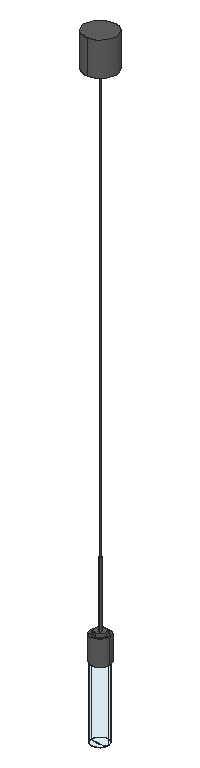
Revit family "Justerbar Lab Pendle_Reagens", category Lighting Fixtures, Revit 2021
Family settings
  Round Connector Dimension = Use Diameter
  Part Type = Normal
  OmniClass Number = 23.80.70.00
  OmniClass Title = Lighting
  Work Plane-Based = No
  Always vertical = Yes
  Cut with Voids When Loaded = No
  Light Source = Yes
  Shared = No
  Room Calculation Point = No
Parameters
  Wattage = 9.2903 W
  built-in parameter 1150110 = 1 (stored number, unit not read)
  built-in parameter 1114217 = 1 (stored number, unit not read)
  built-in parameter 1150109 = 1 (stored number, unit not read)
  built-in parameter 1150134 = (empty or 0)
  built-in parameter 1150113 = 1 (stored number, unit not read)
  Spredning = "120"
  MacAdams = "< 3 SCDM"
  Lyskilde = "LED"
  Lumens = 1380 lm
  built-in parameter 1150115 = 1 (stored number, unit not read)
  built-in parameter 1150105 = 109.82 (stored number, unit not read)
  Lumen = "660lm"
  Light Source Symbol Size = 609.6 mm
  built-in parameter 1150137 = (empty or 0)
  built-in parameter 1150139 = (empty or 0)
  Levetid = "L70 50.000 timer"
  Level Heigth [instance] = 4000 mm
  built-in parameter 1150112 = 1 (stored number, unit not read)
  built-in parameter 1150114 = 1 (stored number, unit not read)
  Kjøle metode = "Passiv"
  built-in parameter 1150132 = 2
  built-in parameter 1150102 = (empty or 0)
  built-in parameter 1150138 = (empty or 0)
  built-in parameter 1150107 = 3000 (stored number, unit not read)
  built-in parameter 1150106 = 1.0982 (stored number, unit not read)
  Frekvens Sekundærkilde = "1000 Hz"
  Frekvens = "50-60 Hz"
  Floor thickness [instance] = 300 mm
  Fargetemperatur = "2700K, 3000K,eller DW"
  Farger = "Sort"
  built-in parameter 1150104 = 13.8 (stored number, unit not read)
  Effekt = "6W"
  Driftspenning = "220-240V"
  Dist.floor [instance] = 2000 mm
  Dimming Lamp Color Temperature Shift = <None>
  Dimbar = "Dali eller Triac"
  Default Elevation = 0 mm
  Color Filter = 16777215
  CRI = ">90"
  Beskyttelsesgrad = "IP20"
  built-in parameter 1114218 = 1 (stored number, unit not read)
  built-in parameter 1150133 = 10 (stored number, unit not read)
Reference planes
  plane 1 "Light Source Axis (F/B)": y = 0
  plane 2: z = 0
  plane 3 "Light Source Axis (L/R)": x = 0
  plane 4 "Light Source Elevation": z = 2101.866
  plane 5: z = 2446.117
  plane 6: z = 3603
  plane 7: z = 3610
  plane 8 "Top": z = 4000
  plane 9: z = 3700
  plane 10: z = 2000
Forms (mm)
  Extrusion 1, solid, material "Default New Material"
    sketch origin (0, 0.011, 1200.009) x (0, 1, 0) y (-1, 0, 0)
      loop
        circle (0, 0) r 42.5
    from 2409.991 to 2499.991
  Extrusion 2, solid, material "Default New Material"
    sketch origin (0, 0.011, 1200.009) x (0, 1, 0) y (-1, 0, 0)
      loop
        circle (0, 0) r 6
    from 2402.991 to 2409.991
  Extrusion 3, solid, material "Default New Material"
    sketch origin (0, 0.011, 1200.009) x (0, 1, 0) y (-1, 0, 0)
      loop
        circle (0, 0) r 2.031
    from 1246.108 to 2402.991
Dimensions and locks
  locked: plane 6 to plane 7 at 7
  locked: plane 4 "Light Source Elevation" to plane 5 at 344.252
  "Level Heigth": level to plane 8 "Top"
  "Floor thickness": plane 9 to plane 8 "Top"
  locked: plane 7 to plane 9 at 90
  locked: plane 10 to plane 4 "Light Source Elevation" at 101.866
  "Dist.floor": level to plane 10
  aligned and locked: imposter light to plane 1 "Light Source Axis (F/B)"
  aligned and locked: level to plane 2
  aligned and locked: plane 6 to Extrusion 2
  aligned and locked: plane 7 to Extrusion 1
  aligned and locked: Extrusion 2 to Extrusion 1
  aligned and locked: Extrusion 3 to Extrusion 2
  aligned and locked: Extrusion 3 to plane 5
  aligned and locked: Extrusion 1 to plane 9
  aligned and locked: plane 5 to nested 2
  aligned and locked: imposter light to plane 4 "Light Source Elevation"
Automatic sketch dimensions
  Extrusion 1 sketch curve to plane 3 "Light Source Axis (L/R)" = 0 mm
  Extrusion 1 sketch curve to plane 1 "Light Source Axis (F/B)" = 0.011 mm
  Extrusion 2 sketch curve to plane 3 "Light Source Axis (L/R)" = 0 mm
  Extrusion 2 sketch curve to plane 1 "Light Source Axis (F/B)" = 0.011 mm
  Extrusion 3 sketch curve to plane 3 "Light Source Axis (L/R)" = 0 mm
  Extrusion 3 sketch curve to plane 1 "Light Source Axis (F/B)" = 0.011 mm
  radius of Extrusion 1 sketch curve = 42.5 mm
  radius of Extrusion 2 sketch curve = 6 mm
  radius of Extrusion 3 sketch curve = 2.031 mm
Nested families
  nested 1: "2D tegn" at (0, 0, 0), type "2D tegn"
  nested 2: "Family1" at (0, 0, 1487.065), type "Family1"
Definition of nested family "Family1"
  Parameters (values of type "Family1")
    Wattage = 9.2903 W
    built-in parameter 1150110 = 1 (stored number, unit not read)
    built-in parameter 1114217 = 1 (stored number, unit not read)
    built-in parameter 1150109 = 1 (stored number, unit not read)
    built-in parameter 1150134 = 5
    built-in parameter 1150113 = 1 (stored number, unit not read)
    built-in parameter 1150105 = 109.82 (stored number, unit not read)
    Lumens = 1380 lm
    built-in parameter 1150115 = 1 (stored number, unit not read)
    Light Source Symbol Size = 609.6 mm
    built-in parameter 1150137 = (empty or 0)
    built-in parameter 1150139 = (empty or 0)
    built-in parameter 1150112 = 1 (stored number, unit not read)
    built-in parameter 1150114 = 1 (stored number, unit not read)
    built-in parameter 1150132 = (empty or 0)
    built-in parameter 1150102 = (empty or 0)
    built-in parameter 1150107 = 6000 (stored number, unit not read)
    built-in parameter 1150138 = (empty or 0)
    built-in parameter 1150106 = 1.0982 (stored number, unit not read)
    built-in parameter 1150104 = 13.8 (stored number, unit not read)
    Dimming Lamp Color Temperature Shift = (empty or 0)
    Default Elevation = 0 mm
    Color Filter = 16777215
    built-in parameter 1114218 = 1 (stored number, unit not read)
    built-in parameter 1150133 = 10 (stored number, unit not read)
  Reference planes
    plane 1 "Center (Front/Back)": y = 0
    plane 2: z = 0
    plane 3 "Center (Left/Right)": x = 0
  Forms (mm)
    Extrusion 1, solid
      sketch origin (0, 0.011, 1212.964) x (0, 1, 0) y (-1, 0, 0)
        loop
          circle (0, 0) r 3.032
      from -428 to -253.911
    Extrusion 2, solid
      sketch origin (0, 0.011, 1212.964) x (0, 1, 0) y (-1, 0, 0)
        loop
          circle (0, 0) r 15
      from -435 to -428
    Revolve 3, solid
      sketch origin (0, 0.011, -2787.036) x (1, 0, 0) y (0, 0, 1)
        loop
          line (25, 3565) -> (21.832, 3565) -> (0, 3565) -> (0, 3533.682) -> (21.832, 3533.682) -> (21.832, 3499) -> (25, 3499) -> (25, 3565)
        axis (0, 3499) -> (0, 3565)
      angle from 0 to 360
    Revolve 4, solid
      sketch origin (0, 0.011, -2787.036) x (1, 0, 0) y (0, 0, 1)
        loop
          line (0, 3532.984) -> (0, 3499) -> (21.729, 3499) -> (21.729, 3532.984) -> (0, 3532.984)
        axis (0, 3499) -> (0, 3532.984)
      angle from 0 to 360
    Revolve 5, solid
      sketch origin (0, 0.011, -2787.046) x (1, 0, 0) y (0, 0, 1)
        loop
          arc (23.002, 3498.068) -> (22.53, 3498.759) -> (21.731, 3499.009) r 1.275
          line (21.731, 3499.009) -> (20.821, 3499.009)
          arc (20.821, 3499.009) -> (21.664, 3498.576) -> (22.002, 3497.691) r 1.326
          line (22.002, 3497.691) -> (22.002, 3305.625)
          arc (22.002, 3305.625) -> (11.278, 3301.997) -> (0, 3301.01) r 47.486
          line (0, 3301.01) -> (0, 3300.01)
          arc (0, 3300.01) -> (11.808, 3301.088) -> (23.002, 3305) r 48.485
          line (23.002, 3305) -> (23.002, 3498.068)
        axis (0, 3300.01) -> (0, 3499.009)
      angle from 0 to 360
  Lines and regions (mm)
    model lines
      curve 1: line (-0.141, 0, 1713.043) -> (-4.202, 0, 1713.043)
      curve 2: line (-2.171, 0, 1713.043) -> (-2.171, 0, 1714.623)
    model lines, not visible
      curve 3: line (-1454, 0, -2024.844) -> (-1589, 0, -2024.844)
  Dimensions and locks
    locked: Revolve 5 sketch curve to Revolve 5 sketch curve at 22.481
    locked: Revolve 5 sketch curve to Revolve 5 sketch curve at 199.091
    Revolve 5 sketch curve to Revolve 5 sketch curve = 1.77 mm
    aligned and locked: level to plane 2
    aligned and locked: Extrusion 1 to Extrusion 2
Definition of nested family "2D tegn"
  Reference planes
    plane 1: y = 0
    plane 2: x = 0
  Lines and regions (mm)
    detail lines
      curve 1: circle (0, 0, 0) r 5 normal (0, 0, 1)
      curve 2: line (-3.536, -3.536, 0) -> (3.536, 3.536, 0)
      curve 3: line (3.536, -3.536, 0) -> (-3.536, 3.536, 0)
